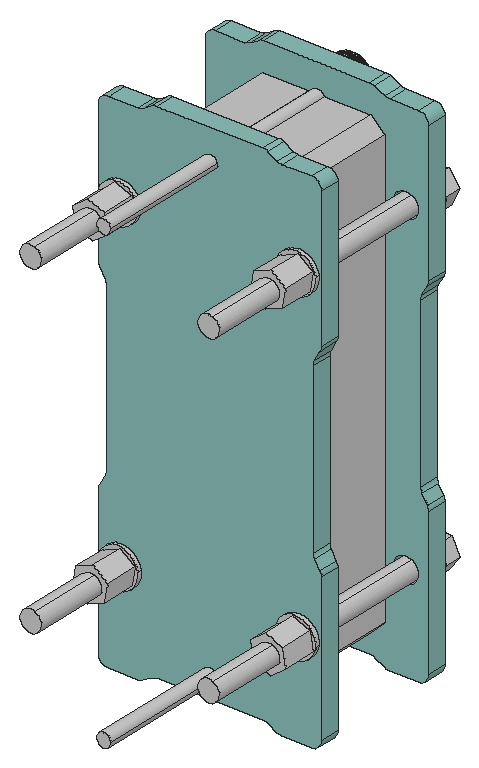
Revit family "Ekin_Endüstriyel - MIT503", category Specialty Equipment, Revit 2022
Family settings
  Round Connector Dimension = Use Diameter
  Part Type = Normal
  Work Plane-Based = No
  Always vertical = No
  Cut with Voids When Loaded = No
  Maintain Annotation Orientation = No
  Shared = No
  Room Calculation Point = No
Parameters (values of type "Threaded")
  URL = "https://en.ekinendustriyel.com/plate-heat-exchanger"
  Type Comments = ""
  Thickness_of_Plate = 0.50 mm  # constant formula
  Number_of_Plate [instance] = 30
  Model = if(Hygienic, if(Design Pressure < 11.0 bar, "H12340000DD25L", if(Design Pressure < 17.0 bar, " H12340000DD25M", " H12340000DD25H")), if(Design Pressure < 10.0 bar, "E12340000DD25L", if(Design Pressure < 17.0 bar, " E12340000DD25M", " E12340000DD25H")))  # "H12340000DD25L"
  Material = Galvanized Steel- S235JR
  Manufacturer = "Ekin Endüstriyel"
  Lk [instance] = (Number_of_Plate) * ((Thickness_of_Plate) + 2.35 mm)  # 85.50 mm
  Lh [instance] = 390.00 mm  # constant formula
  Lf [instance] = 390.00 mm  # constant formula
  Lc [instance] = if(Number_of_Plate < 26, 150.00 mm, if(Number_of_Plate < 41, 200.00 mm, 250.00 mm))  # 200.00 mm
  La [instance] = 167.50 mm  # constant formula
  Keynote = ""
  Industrial = not(Hygienic)  # no
  Hygienic = yes
  Head & Follower Plate [instance] = if(Design Pressure < 11.0 bar, 15.00 mm, 20.00 mm)  # 15.00 mm
  Follower Plate [instance] = -(Head & Follower Plate)  # -15.00 mm
  Design Pressure = 10.3421 bar
  Description = if(Design Pressure < 10.0663 bar, "MIT - Heat Exchanger - 10 bar", if(Design Pressure < 15.9958 bar, " MIT - Heat Exchanger - 16 bar", " MIT - Heat Exchanger - 25 bar"))  # " MIT - Heat Exchanger - 16 bar"
  Default Elevation = 0.00 mm
Reference planes
  plane 1 "Center (Front/Back)": y = 0
  plane 2: z = 0
  plane 3 "Center (Left/Right)": x = 0
  plane 4: x = 1160
  plane 5: x = -1000
  plane 6 "2": y = -100.5
  plane 7 "1": y = -15
  plane 8 "3": y = -215
  plane 9 "Bolt End": y = 18.7
  plane 10: y = -200
Forms (mm)
  Extrusion 1, solid, material "Galvanized Steel", detail levels fine
    sketch origin (4.063, 0, 0) x (1, 0, 0) y (0, 0, 1)
      loop
        arc (79.687, 376.5) -> (77.49, 381.803) -> (72.187, 384) r 7.5
        line (72.187, 384) -> (50.089, 384)
        arc (50.089, 384) -> (48.148, 384.256) -> (46.339, 385.005) r 7.5
        line (46.339, 385.005) -> (39.427, 388.995)
        arc (39.427, 388.995) -> (37.619, 389.744) -> (35.677, 390) r 7.5
        line (35.677, 390) -> (-43.803, 390)
        arc (-43.803, 390) -> (-45.745, 389.744) -> (-47.553, 388.995) r 7.5
        line (-47.553, 388.995) -> (-54.465, 385.005)
        arc (-54.465, 385.005) -> (-56.274, 384.256) -> (-58.215, 384) r 7.5
        line (-58.215, 384) -> (-80.313, 384)
        arc (-80.313, 384) -> (-85.616, 381.803) -> (-87.813, 376.5) r 7.5
        line (-87.813, 376.5) -> (-87.813, 271.902)
        arc (-87.813, 271.902) -> (-87.557, 269.961) -> (-86.808, 268.152) r 7.5
        line (-86.808, 268.152) -> (-82.818, 261.24)
        arc (-82.818, 261.24) -> (-82.069, 259.432) -> (-81.813, 257.49) r 7.5
        line (-81.813, 257.49) -> (-81.813, 131.51)
        arc (-81.813, 131.51) -> (-82.069, 129.568) -> (-82.818, 127.76) r 7.5
        line (-82.818, 127.76) -> (-86.808, 120.848)
        arc (-86.808, 120.848) -> (-87.557, 119.039) -> (-87.813, 117.098) r 7.5
        line (-87.813, 117.098) -> (-87.813, 7.5)
        arc (-87.813, 7.5) -> (-85.616, 2.197) -> (-80.313, 0) r 7.5
        line (-80.313, 0) -> (-58.215, 0)
        arc (-58.215, 0) -> (-56.274, 0.256) -> (-54.465, 1.005) r 7.5
        line (-54.465, 1.005) -> (-47.553, 4.995)
        arc (-47.553, 4.995) -> (-45.745, 5.744) -> (-43.803, 6) r 7.5
        line (-43.803, 6) -> (35.677, 6)
        arc (35.677, 6) -> (37.619, 5.744) -> (39.427, 4.995) r 7.5
        line (39.427, 4.995) -> (46.339, 1.005)
        arc (46.339, 1.005) -> (48.148, 0.256) -> (50.089, 0) r 7.5
        line (50.089, 0) -> (72.187, 0)
        arc (72.187, 0) -> (77.49, 2.197) -> (79.687, 7.5) r 7.5
        line (79.687, 7.5) -> (79.687, 117.098)
        arc (79.687, 117.098) -> (79.431, 119.039) -> (78.682, 120.848) r 7.5
        line (78.682, 120.848) -> (74.692, 127.76)
        arc (74.692, 127.76) -> (73.943, 129.568) -> (73.687, 131.51) r 7.5
        line (73.687, 131.51) -> (73.687, 257.49)
        arc (73.687, 257.49) -> (73.943, 259.432) -> (74.692, 261.24) r 7.5
        line (74.692, 261.24) -> (78.682, 268.152)
        arc (78.682, 268.152) -> (79.431, 269.961) -> (79.687, 271.902) r 7.5
        line (79.687, 271.902) -> (79.687, 376.5)
      loop
        circle (20.937, 45.5) r 16.85
      loop
        circle (20.937, 343.5) r 16.85
      loop
        circle (-4.063, 367) r 5.1
      loop
        circle (62.687, 72) r 9.5
      loop
        circle (62.687, 317) r 9.5
      loop
        circle (-4.063, 22) r 5.1
      loop
        circle (-29.063, 45.5) r 16.85
      loop
        circle (-29.063, 343.5) r 16.85
      loop
        circle (-70.813, 72) r 9.5
      loop
        circle (-70.813, 317) r 9.5
    from 0 to 15 <- "Head & Follower Plate"
  Extrusion 2, solid, material "Galvanized Steel", detail levels fine
    sketch origin (4.063, -100.5, 0) x (-1, 0, 0) y (0, 0, 1)
      loop
        line (-79.687, 376.5) -> (-79.687, 271.902)
        arc (-79.687, 271.902) -> (-79.431, 269.961) -> (-78.682, 268.152) r 7.5
        line (-78.682, 268.152) -> (-74.692, 261.24)
        arc (-74.692, 261.24) -> (-73.943, 259.432) -> (-73.687, 257.49) r 7.5
        line (-73.687, 257.49) -> (-73.687, 131.51)
        arc (-73.687, 131.51) -> (-73.943, 129.568) -> (-74.692, 127.76) r 7.5
        line (-74.692, 127.76) -> (-78.682, 120.848)
        arc (-78.682, 120.848) -> (-79.431, 119.039) -> (-79.687, 117.098) r 7.5
        line (-79.687, 117.098) -> (-79.687, 7.5)
        arc (-79.687, 7.5) -> (-77.49, 2.197) -> (-72.187, 0) r 7.5
        line (-72.187, 0) -> (-50.089, 0)
        arc (-50.089, 0) -> (-48.148, 0.256) -> (-46.339, 1.005) r 7.5
        line (-46.339, 1.005) -> (-39.427, 4.995)
        arc (-39.427, 4.995) -> (-37.619, 5.744) -> (-35.677, 6) r 7.5
        line (-35.677, 6) -> (43.803, 6)
        arc (43.803, 6) -> (45.745, 5.744) -> (47.553, 4.995) r 7.5
        line (47.553, 4.995) -> (54.465, 1.005)
        arc (54.465, 1.005) -> (56.274, 0.256) -> (58.215, 0) r 7.5
        line (58.215, 0) -> (80.313, 0)
        arc (80.313, 0) -> (85.616, 2.197) -> (87.813, 7.5) r 7.5
        line (87.813, 7.5) -> (87.813, 117.098)
        arc (87.813, 117.098) -> (87.557, 119.039) -> (86.808, 120.848) r 7.5
        line (86.808, 120.848) -> (82.818, 127.76)
        arc (82.818, 127.76) -> (82.069, 129.568) -> (81.813, 131.51) r 7.5
        line (81.813, 131.51) -> (81.813, 257.49)
        arc (81.813, 257.49) -> (82.069, 259.432) -> (82.818, 261.24) r 7.5
        line (82.818, 261.24) -> (86.808, 268.152)
        arc (86.808, 268.152) -> (87.557, 269.961) -> (87.813, 271.902) r 7.5
        line (87.813, 271.902) -> (87.813, 376.5)
        arc (87.813, 376.5) -> (85.616, 381.803) -> (80.313, 384) r 7.5
        line (80.313, 384) -> (58.215, 384)
        arc (58.215, 384) -> (56.274, 384.256) -> (54.465, 385.005) r 7.5
        line (54.465, 385.005) -> (47.553, 388.995)
        arc (47.553, 388.995) -> (45.745, 389.744) -> (43.803, 390) r 7.5
        line (43.803, 390) -> (-35.677, 390)
        arc (-35.677, 390) -> (-37.619, 389.744) -> (-39.427, 388.995) r 7.5
        line (-39.427, 388.995) -> (-46.339, 385.005)
        arc (-46.339, 385.005) -> (-48.148, 384.256) -> (-50.089, 384) r 7.5
        line (-50.089, 384) -> (-72.187, 384)
        arc (-72.187, 384) -> (-77.49, 381.803) -> (-79.687, 376.5) r 7.5
      loop
        circle (4.063, 367) r 5.1
      loop
        circle (-62.687, 72) r 9.5
      loop
        circle (-62.687, 317) r 9.5
      loop
        circle (4.063, 22) r 5.1
      loop
        circle (70.813, 72) r 9.5
      loop
        circle (70.813, 317) r 9.5
    from 0 to -15 <- "Follower Plate"
  Extrusion 3, solid, material "AISI 316L/Titanium/Hastelloy", detail levels fine
    sketch origin (0, -15, 0) x (-1, 0, 0) y (0, 0, 1)
      loop
        line (-40.5, 368.5) -> (-50.5, 358.5) -> (-50.5, 30.5) -> (-40.5, 20.5) -> (-6, 20.5) -> (-6, 22.5)
        arc (-6, 22.5) -> (0, 28.5) -> (6, 22.5) r 6
        line (6, 22.5) -> (6, 20.5) -> (40.5, 20.5) -> (50.5, 30.5) -> (50.5, 358.5) -> (40.5, 368.5) -> (6, 368.5) -> (6, 366.5)
        arc (6, 366.5) -> (0, 360.5) -> (-6, 366.5) r 6
        line (-6, 366.5) -> (-6, 368.5) -> (-40.5, 368.5)
      loop
        circle (25, 343.5) r 16.85
      loop
        circle (-25, 343.5) r 16.85
      loop
        circle (-25, 45.5) r 16.85
      loop
        circle (25, 45.5) r 16.85
    from 0 to -85.5
  Extrusion 4, solid, material "Galvanized Steel- S235JR", detail levels fine
    sketch origin (0, 0, 0) x (1, 0, 0) y (0, 0, 1)
      loop
        circle (0, 367) r 5.1
      loop
        circle (0, 22) r 5.1
    from 0 to 215
  Extrusion 5, solid, material "Galvanized Steel- S235JR", detail levels fine
    sketch origin (0, 0, 0) x (1, 0, 0) y (0, 0, 1)
      loop
        circle (66.75, 72) r 8
      loop
        circle (-66.75, 72) r 8
      loop
        circle (66.75, 317) r 8
      loop
        circle (-66.75, 317) r 8
    from 0 to 200
  Extrusion 6, solid, material "Galvanized Steel- S235JR", detail levels fine
    sketch origin (0, 0, 0) x (1, 0, 0) y (0, 0, 1)
      loop
        circle (66.75, 317) r 15
      loop
        circle (66.75, 72) r 15
      loop
        circle (-66.75, 72) r 15
      loop
        circle (-66.75, 317) r 15
    from 0 to -3.2
  Extrusion 7, solid, material "Galvanized Steel- S235JR", detail levels fine
    sketch origin (0, 0, 0) x (1, 0, 0) y (0, 0, 1)
      loop
        line (58.593, 328.201) -> (52.971, 315.537) -> (61.128, 304.335) -> (74.907, 305.799) -> (80.529, 318.463) -> (72.372, 329.665) -> (58.593, 328.201)
      loop
        line (-58.593, 328.201) -> (-72.372, 329.665) -> (-80.529, 318.463) -> (-74.907, 305.799) -> (-61.128, 304.335) -> (-52.971, 315.537) -> (-58.593, 328.201)
      loop
        line (58.593, 60.799) -> (72.372, 59.335) -> (80.529, 70.537) -> (74.907, 83.201) -> (61.128, 84.665) -> (52.971, 73.463) -> (58.593, 60.799)
      loop
        line (-58.593, 60.799) -> (-52.971, 73.463) -> (-61.128, 84.665) -> (-74.907, 83.201) -> (-80.529, 70.537) -> (-72.372, 59.335) -> (-58.593, 60.799)
    from -17.7 to -3.2
  Extrusion 8, solid, material "Galvanized Steel- S235JR", detail levels fine
    sketch origin (4.063, -115.5, 0) x (1, 0, 0) y (0, 0, 1)
      loop
        line (64.607, 330.723) -> (51.763, 325.524) -> (49.843, 311.801) -> (60.767, 303.277) -> (73.611, 308.476) -> (75.531, 322.199) -> (64.607, 330.723)
      loop
        line (-72.733, 330.723) -> (-83.657, 322.199) -> (-81.737, 308.476) -> (-68.893, 303.277) -> (-57.969, 311.801) -> (-59.889, 325.524) -> (-72.733, 330.723)
      loop
        line (64.607, 58.277) -> (75.531, 66.801) -> (73.611, 80.524) -> (60.767, 85.723) -> (49.843, 77.199) -> (51.763, 63.476) -> (64.607, 58.277)
      loop
        line (-72.733, 58.277) -> (-59.889, 63.476) -> (-57.969, 77.199) -> (-68.893, 85.723) -> (-81.737, 80.524) -> (-83.657, 66.801) -> (-72.733, 58.277)
    from 3.2 to 28.7
  Extrusion 9, solid, material "Galvanized Steel- S235JR", detail levels fine
    sketch origin (4.063, -115.5, 0) x (1, 0, 0) y (0, 0, 1)
      loop
        circle (-70.813, 317) r 15
      loop
        circle (62.687, 317) r 15
      loop
        circle (-70.813, 72) r 15
      loop
        circle (62.687, 72) r 15
    from 3.2 to 0
  Revolve 10, solid, material "Painted Stell", detail levels fine
    sketch origin (0, -12.95, 45.5) x (0, -1, 0) y (1, 0, 0)
      loop
        line (-47.116, 41.461) -> (-47.116, 38.504) -> (-45.07, 37.636) -> (-2.95, 37.636) -> (-2.95, 36) -> (87.55, 36) -> (87.55, 41.461) -> (-28.39, 41.461) -> (-28.903, 40.871) -> (-29.416, 41.461) -> (-29.929, 40.871) -> (-30.442, 41.461) -> (-30.955, 40.871) -> (-31.468, 41.461) -> (-31.98, 40.871) -> (-32.493, 41.461) -> (-33.006, 40.871) -> (-33.519, 41.461) -> (-34.032, 40.871) -> (-34.545, 41.461) -> (-35.178, 40.871) -> (-35.691, 41.461) -> (-36.204, 40.871) -> (-36.716, 41.461) -> (-37.229, 40.871) -> (-37.742, 41.461) -> (-38.255, 40.871) -> (-38.768, 41.461) -> (-39.281, 40.871) -> (-39.794, 41.461) -> (-40.307, 40.871) -> (-40.82, 41.461) -> (-41.333, 40.871) -> (-41.845, 41.461) -> (-42.358, 40.871) -> (-42.871, 41.461) -> (-43.384, 40.871) -> (-43.897, 41.461) -> (-44.41, 40.871) -> (-44.923, 41.461) -> (-45.436, 40.871) -> (-45.949, 41.461) -> (-46.462, 40.871) -> (-47.116, 41.461)
      axis (87.55, 25) -> (-47.116, 25)
    angle from 0 to 360
  Revolve 11, solid, material "Painted Stell", detail levels fine
    sketch origin (0, -12.95, 45.5) x (0, 1, 0) y (-1, 0, 0)
      loop
        line (-87.55, 36) -> (-2.05, 36) -> (-2.05, 37.636) -> (60.054, 37.636) -> (62.1, 38.504) -> (62.1, 41.461) -> (61.446, 40.871) -> (60.933, 41.461) -> (60.42, 40.871) -> (59.907, 41.461) -> (59.394, 40.871) -> (58.881, 41.461) -> (58.369, 40.871) -> (57.856, 41.461) -> (57.343, 40.871) -> (56.83, 41.461) -> (56.317, 40.871) -> (55.804, 41.461) -> (55.291, 40.871) -> (54.778, 41.461) -> (54.265, 40.871) -> (53.752, 41.461) -> (53.24, 40.871) -> (52.727, 41.461) -> (52.214, 40.871) -> (51.701, 41.461) -> (51.188, 40.871) -> (50.675, 41.461) -> (50.162, 40.871) -> (49.649, 41.461) -> (49.136, 40.871) -> (48.623, 41.461) -> (48.111, 40.871) -> (47.598, 41.461) -> (47.085, 40.871) -> (46.572, 41.461) -> (46.059, 40.871) -> (45.546, 41.461) -> (45.033, 40.871) -> (44.52, 41.461) -> (44.007, 40.871) -> (43.494, 41.461) -> (-87.55, 41.461) -> (-87.55, 36)
      axis (-87.55, 25) -> (62.1, 25)
    angle from 0 to 360
  Revolve 12, solid, material "Painted Stell", detail levels fine
    sketch origin (0, -12.95, 343.5) x (1, 0, 0) y (0, 1, 0)
      loop
        line (41.461, 47.116) -> (38.504, 47.116) -> (37.636, 45.07) -> (37.636, -2.05) -> (36, -2.05) -> (36, -87.55) -> (41.461, -87.55) -> (41.461, 28.39) -> (40.871, 28.903) -> (41.461, 29.416) -> (40.871, 29.929) -> (41.461, 30.442) -> (40.871, 30.955) -> (41.461, 31.468) -> (40.871, 31.98) -> (41.461, 32.493) -> (40.871, 33.006) -> (41.461, 33.519) -> (40.871, 34.032) -> (41.461, 34.545) -> (40.871, 35.178) -> (41.461, 35.691) -> (40.871, 36.204) -> (41.461, 36.716) -> (40.871, 37.229) -> (41.461, 37.742) -> (40.871, 38.255) -> (41.461, 38.768) -> (40.871, 39.281) -> (41.461, 39.794) -> (40.871, 40.307) -> (41.461, 40.82) -> (40.871, 41.333) -> (41.461, 41.845) -> (40.871, 42.358) -> (41.461, 42.871) -> (40.871, 43.384) -> (41.461, 43.897) -> (40.871, 44.41) -> (41.461, 44.923) -> (40.871, 45.436) -> (41.461, 45.949) -> (40.871, 46.462) -> (41.461, 47.116)
      axis (25, -87.55) -> (25, 47.116)
    angle from 0 to 360
  Revolve 13, solid, material "Painted Stell", detail levels fine
    sketch origin (0, -12.95, 343.5) x (-1, 0, 0) y (0, -1, 0)
      loop
        line (36, 87.55) -> (36, 2.05) -> (37.636, 2.05) -> (37.636, -60.054) -> (38.504, -62.1) -> (41.461, -62.1) -> (40.871, -61.446) -> (41.461, -60.933) -> (40.871, -60.42) -> (41.461, -59.907) -> (40.871, -59.394) -> (41.461, -58.881) -> (40.871, -58.369) -> (41.461, -57.856) -> (40.871, -57.343) -> (41.461, -56.83) -> (40.871, -56.317) -> (41.461, -55.804) -> (40.871, -55.291) -> (41.461, -54.778) -> (40.871, -54.265) -> (41.461, -53.752) -> (40.871, -53.24) -> (41.461, -52.727) -> (40.871, -52.214) -> (41.461, -51.701) -> (40.871, -51.188) -> (41.461, -50.675) -> (40.871, -50.162) -> (41.461, -49.649) -> (40.871, -49.136) -> (41.461, -48.623) -> (40.871, -48.111) -> (41.461, -47.598) -> (40.871, -47.085) -> (41.461, -46.572) -> (40.871, -46.059) -> (41.461, -45.546) -> (40.871, -45.033) -> (41.461, -44.52) -> (40.871, -44.007) -> (41.461, -43.494) -> (41.461, 87.55) -> (36, 87.55)
      axis (25, 87.55) -> (25, -62.1)
    angle from 0 to 360
  Extrusion 14, solid, material "Galvanized Steel", detail levels medium
    sketch origin (4.063, 0, 0) x (1, 0, 0) y (0, 0, 1)
      loop
        arc (79.687, 376.5) -> (77.49, 381.803) -> (72.187, 384) r 7.5
        line (72.187, 384) -> (50.089, 384)
        arc (50.089, 384) -> (48.148, 384.256) -> (46.339, 385.005) r 7.5
        line (46.339, 385.005) -> (39.427, 388.995)
        arc (39.427, 388.995) -> (37.619, 389.744) -> (35.677, 390) r 7.5
        line (35.677, 390) -> (-43.803, 390)
        arc (-43.803, 390) -> (-45.745, 389.744) -> (-47.553, 388.995) r 7.5
        line (-47.553, 388.995) -> (-54.465, 385.005)
        arc (-54.465, 385.005) -> (-56.274, 384.256) -> (-58.215, 384) r 7.5
        line (-58.215, 384) -> (-80.313, 384)
        arc (-80.313, 384) -> (-85.616, 381.803) -> (-87.813, 376.5) r 7.5
        line (-87.813, 376.5) -> (-87.813, 7.5)
        arc (-87.813, 7.5) -> (-85.616, 2.197) -> (-80.313, 0) r 7.5
        line (-80.313, 0) -> (-58.215, 0)
        arc (-58.215, 0) -> (-56.274, 0.256) -> (-54.465, 1.005) r 7.5
        line (-54.465, 1.005) -> (-47.553, 4.995)
        arc (-47.553, 4.995) -> (-45.745, 5.744) -> (-43.803, 6) r 7.5
        line (-43.803, 6) -> (35.677, 6)
        arc (35.677, 6) -> (37.619, 5.744) -> (39.427, 4.995) r 7.5
        line (39.427, 4.995) -> (46.339, 1.005)
        arc (46.339, 1.005) -> (48.148, 0.256) -> (50.089, 0) r 7.5
        line (50.089, 0) -> (72.187, 0)
        arc (72.187, 0) -> (77.49, 2.197) -> (79.687, 7.5) r 7.5
        line (79.687, 7.5) -> (79.687, 376.5)
      loop
        circle (20.937, 45.5) r 16.85
      loop
        circle (20.937, 343.5) r 16.85
      loop
        circle (-4.063, 367) r 5.1
      loop
        circle (62.687, 72) r 9.5
      loop
        circle (62.687, 317) r 9.5
      loop
        circle (-4.063, 22) r 5.1
      loop
        circle (-29.063, 45.5) r 16.85
      loop
        circle (-29.063, 343.5) r 16.85
      loop
        circle (-70.813, 72) r 9.5
      loop
        circle (-70.813, 317) r 9.5
    from 0 to 15 <- "Head & Follower Plate"
  Extrusion 15, solid, material "Galvanized Steel", detail levels medium
    sketch origin (4.063, -100.5, 0) x (-1, 0, 0) y (0, 0, 1)
      loop
        line (-79.687, 376.5) -> (-79.687, 7.5)
        arc (-79.687, 7.5) -> (-77.49, 2.197) -> (-72.187, 0) r 7.5
        line (-72.187, 0) -> (-50.089, 0)
        arc (-50.089, 0) -> (-48.148, 0.256) -> (-46.339, 1.005) r 7.5
        line (-46.339, 1.005) -> (-39.427, 4.995)
        arc (-39.427, 4.995) -> (-37.619, 5.744) -> (-35.677, 6) r 7.5
        line (-35.677, 6) -> (43.803, 6)
        arc (43.803, 6) -> (45.745, 5.744) -> (47.553, 4.995) r 7.5
        line (47.553, 4.995) -> (54.465, 1.005)
        arc (54.465, 1.005) -> (56.274, 0.256) -> (58.215, 0) r 7.5
        line (58.215, 0) -> (80.313, 0)
        arc (80.313, 0) -> (85.616, 2.197) -> (87.813, 7.5) r 7.5
        line (87.813, 7.5) -> (87.813, 376.5)
        arc (87.813, 376.5) -> (85.616, 381.803) -> (80.313, 384) r 7.5
        line (80.313, 384) -> (58.215, 384)
        arc (58.215, 384) -> (56.274, 384.256) -> (54.465, 385.005) r 7.5
        line (54.465, 385.005) -> (47.553, 388.995)
        arc (47.553, 388.995) -> (45.745, 389.744) -> (43.803, 390) r 7.5
        line (43.803, 390) -> (-35.677, 390)
        arc (-35.677, 390) -> (-37.619, 389.744) -> (-39.427, 388.995) r 7.5
        line (-39.427, 388.995) -> (-46.339, 385.005)
        arc (-46.339, 385.005) -> (-48.148, 384.256) -> (-50.089, 384) r 7.5
        line (-50.089, 384) -> (-72.187, 384)
        arc (-72.187, 384) -> (-77.49, 381.803) -> (-79.687, 376.5) r 7.5
      loop
        circle (4.063, 367) r 5.1
      loop
        circle (-62.687, 72) r 9.5
      loop
        circle (-62.687, 317) r 9.5
      loop
        circle (4.063, 22) r 5.1
      loop
        circle (70.813, 72) r 9.5
      loop
        circle (70.813, 317) r 9.5
    from 0 to -15 <- "Follower Plate"
  Extrusion 16, solid, material "AISI 316L/Titanium/Hastelloy", detail levels medium
    sketch origin (0, -15, 0) x (-1, 0, 0) y (0, 0, 1)
      loop
        line (-40.5, 368.5) -> (-50.5, 358.5) -> (-50.5, 30.5) -> (-40.5, 20.5) -> (-6, 20.5) -> (-6, 22.5)
        arc (-6, 22.5) -> (0, 28.5) -> (6, 22.5) r 6
        line (6, 22.5) -> (6, 20.5) -> (40.5, 20.5) -> (50.5, 30.5) -> (50.5, 358.5) -> (40.5, 368.5) -> (6, 368.5) -> (6, 366.5)
        arc (6, 366.5) -> (0, 360.5) -> (-6, 366.5) r 6
        line (-6, 366.5) -> (-6, 368.5) -> (-40.5, 368.5)
    from 0 to -85.5
  Extrusion 17, solid, material "Galvanized Steel- S235JR", detail levels medium
    sketch origin (0, 0, 0) x (1, 0, 0) y (0, 0, 1)
      loop
        circle (0, 367) r 5.1
      loop
        circle (0, 22) r 5.1
    from 0 to 215
  Extrusion 18, solid, material "Galvanized Steel- S235JR", detail levels medium
    sketch origin (0, 0, 0) x (1, 0, 0) y (0, 0, 1)
      loop
        circle (66.75, 72) r 8
      loop
        circle (-66.75, 72) r 8
      loop
        circle (66.75, 317) r 8
      loop
        circle (-66.75, 317) r 8
    from 0 to 200
  Extrusion 19, solid, material "Galvanized Steel- S235JR", detail levels medium
    sketch origin (0, 0, 0) x (1, 0, 0) y (0, 0, 1)
      loop
        circle (66.75, 317) r 15
      loop
        circle (66.75, 72) r 15
      loop
        circle (-66.75, 72) r 15
      loop
        circle (-66.75, 317) r 15
    from 0 to -3.2
  Extrusion 20, solid, material "Galvanized Steel- S235JR", detail levels medium
    sketch origin (0, 0, 0) x (1, 0, 0) y (0, 0, 1)
      loop
        line (58.593, 328.201) -> (52.971, 315.537) -> (61.128, 304.335) -> (74.907, 305.799) -> (80.529, 318.463) -> (72.372, 329.665) -> (58.593, 328.201)
      loop
        line (-58.593, 328.201) -> (-72.372, 329.665) -> (-80.529, 318.463) -> (-74.907, 305.799) -> (-61.128, 304.335) -> (-52.971, 315.537) -> (-58.593, 328.201)
      loop
        line (58.593, 60.799) -> (72.372, 59.335) -> (80.529, 70.537) -> (74.907, 83.201) -> (61.128, 84.665) -> (52.971, 73.463) -> (58.593, 60.799)
      loop
        line (-58.593, 60.799) -> (-52.971, 73.463) -> (-61.128, 84.665) -> (-74.907, 83.201) -> (-80.529, 70.537) -> (-72.372, 59.335) -> (-58.593, 60.799)
    from -17.7 to -3.2
  Revolve 21, solid, material "Painted Stell", detail levels medium
    sketch origin (0, -12.95, 45.5) x (0, -1, 0) y (1, 0, 0)
      loop
        line (-47.116, 41.461) -> (-47.116, 37.636) -> (2.05, 37.636) -> (2.05, 36) -> (87.55, 36) -> (87.55, 41.461) -> (-47.116, 41.461)
      axis (87.55, 25) -> (-47.116, 25)
    angle from 0 to 360
  Revolve 22, solid, material "Painted Stell", detail levels medium
    sketch origin (0, -12.95, 45.5) x (0, 1, 0) y (-1, 0, 0)
      loop
        line (-87.55, 36) -> (-2.05, 36) -> (-2.05, 37.636) -> (62.1, 37.636) -> (62.1, 41.461) -> (-87.55, 41.461) -> (-87.55, 36)
      axis (-87.55, 25) -> (62.1, 25)
    angle from 0 to 360
  Revolve 23, solid, material "Painted Stell", detail levels medium
    sketch origin (0, -12.95, 343.5) x (1, 0, 0) y (0, 1, 0)
      loop
        line (41.461, 47.116) -> (37.636, 47.116) -> (37.636, -2.05) -> (36, -2.05) -> (36, -87.55) -> (41.461, -87.55) -> (41.461, 47.116)
      axis (25, -87.55) -> (25, 47.116)
    angle from 0 to 360
  Revolve 24, solid, material "Painted Stell", detail levels medium
    sketch origin (0, -12.95, 343.5) x (-1, 0, 0) y (0, -1, 0)
      loop
        line (36, 87.55) -> (36, 2.05) -> (37.636, 2.05) -> (37.636, -62.1) -> (41.461, -62.1) -> (41.461, 87.55) -> (36, 87.55)
      axis (25, 87.55) -> (25, -62.1)
    angle from 0 to 360
  Extrusion 25, solid, material "Galvanized Steel", detail levels coarse
    sketch origin (4.063, 0, 0) x (1, 0, 0) y (0, 0, 1)
      loop
        line (79.687, 390) -> (-87.813, 390) -> (-87.813, 0) -> (79.687, 0) -> (79.687, 390)
      loop
        circle (20.937, 45.5) r 16.85
      loop
        circle (20.937, 343.5) r 16.85
      loop
        circle (-4.063, 367) r 5.1
      loop
        circle (-4.063, 22) r 5.1
      loop
        circle (-29.063, 45.5) r 16.85
      loop
        circle (-29.063, 343.5) r 16.85
      loop
        circle (-70.813, 317) r 8
      loop
        circle (62.687, 317) r 8
      loop
        circle (62.687, 72) r 8
      loop
        circle (-70.813, 72) r 8
    from 0 to 15 <- "Head & Follower Plate"
  Extrusion 26, solid, material "Galvanized Steel", detail levels coarse
    sketch origin (4.063, -100.5, 0) x (-1, 0, 0) y (0, 0, 1)
      loop
        line (-79.687, 390) -> (-79.687, 0) -> (87.813, 0) -> (87.813, 390) -> (-79.687, 390)
      loop
        circle (4.063, 367) r 5.1
      loop
        circle (-62.687, 72) r 9.5
      loop
        circle (-62.687, 317) r 9.5
      loop
        circle (4.063, 22) r 5.1
      loop
        circle (70.813, 72) r 9.5
      loop
        circle (70.813, 317) r 9.5
    from 0 to -15 <- "Follower Plate"
  Extrusion 27, solid, material "AISI 316L/Titanium/Hastelloy", detail levels coarse
    sketch origin (0, -15, 0) x (-1, 0, 0) y (0, 0, 1)
      loop
        line (-50.5, 368.5) -> (-50.5, 20.5) -> (-6, 20.5) -> (-6, 22.5)
        arc (-6, 22.5) -> (0, 28.5) -> (6, 22.5) r 6
        line (6, 22.5) -> (6, 20.5) -> (50.5, 20.5) -> (50.5, 368.5) -> (6, 368.5) -> (6, 366.5)
        arc (6, 366.5) -> (0, 360.5) -> (-6, 366.5) r 6
        line (-6, 366.5) -> (-6, 368.5) -> (-50.5, 368.5)
    from 0 to -85.5
  Extrusion 28, solid, material "Galvanized Steel- S235JR", detail levels coarse
    sketch origin (0, 0, 0) x (1, 0, 0) y (0, 0, 1)
      loop
        circle (0, 367) r 5.1
      loop
        circle (0, 22) r 5.1
    from 0 to 215
  Extrusion 29, solid, material "Galvanized Steel- S235JR", detail levels coarse
    sketch origin (0, 0, 0) x (1, 0, 0) y (0, 0, 1)
      loop
        circle (66.75, 72) r 8
      loop
        circle (-66.75, 72) r 8
      loop
        circle (66.75, 317) r 8
      loop
        circle (-66.75, 317) r 8
    from 0 to 200
  Extrusion 30, solid, material "Painted Stell", detail levels coarse
    sketch origin (4.063, 0, 0) x (-1, 0, 0) y (0, 0, 1)
      loop
        circle (-20.937, 343.5) r 16.85
      loop
        circle (-20.937, 45.5) r 16.85
    from 0 to 34.166
  Extrusion 31, solid, material "Painted Stell", detail levels coarse
    sketch origin (4.063, 0, 0) x (-1, 0, 0) y (0, 0, 1)
      loop
        circle (29.063, 343.5) r 16.85
      loop
        circle (29.063, 45.5) r 16.85
    from 0 to 49.15
Dimensions and locks
  "Lk": plane 7 "1" to plane 6 "2"
  "Head & Follower Plate": plane 1 "Center (Front/Back)" to plane 7 "1"
  "Lc": plane 7 "1" to plane 8 "3"
  "Lc": plane 10 to plane 1 "Center (Front/Back)"
  Extrusion 25 to Extrusion 26 = 85.50 mm
  aligned and locked: level to plane 2
  aligned and locked: Extrusion 1 to plane 1 "Center (Front/Back)"
  aligned and locked: Extrusion 3 to plane 6 "2"
  aligned and locked: Extrusion 4 to plane 1 "Center (Front/Back)"
  aligned and locked: plane 10 to Extrusion 5
  aligned and locked: Extrusion 5 to plane 1 "Center (Front/Back)"
  aligned and locked: Revolve 10 sketch curve to Extrusion 2
  aligned and locked: Revolve 11 sketch curve to plane 6 "2"
  aligned and locked: Revolve 21 sketch curve to Extrusion 15
  aligned and locked: Extrusion 27 to plane 6 "2"
  aligned and locked: Extrusion 16 to plane 6 "2"
  aligned and locked: Extrusion 29 to Extrusion 5
  aligned and locked: Extrusion 18 to Extrusion 29
  aligned and locked: Extrusion 25 to Extrusion 1
  aligned and locked: Extrusion 25 to Extrusion 14
  aligned and locked: Extrusion 27 to Extrusion 25
  aligned and locked: Extrusion 16 to Extrusion 25
  aligned and locked: Extrusion 3 to Extrusion 25
  aligned and locked: Revolve 23 sketch curve to Extrusion 25
  aligned and locked: Revolve 12 sketch curve to Extrusion 25
  aligned and locked: Revolve 21 sketch curve to Extrusion 25
  aligned and locked: Extrusion 25 to Revolve 24 sketch curve
  aligned and locked: Extrusion 25 to Revolve 13 sketch curve
  aligned and locked: Extrusion 25 to Revolve 22 sketch curve
  aligned and locked: Extrusion 25 to Revolve 11 sketch curve
  aligned and locked: Extrusion 28 to plane 8 "3"
  aligned and locked: Extrusion 17 to plane 8 "3"
  aligned and locked: Extrusion 4 to plane 8 "3"
Automatic sketch dimensions
  Extrusion 1 sketch curve to Extrusion 1 sketch curve = 0.00 mm  (x21)
  Extrusion 1 sketch curve to level = 0.00 mm  (x2)
  Extrusion 1 sketch curve to plane 3 "Center (Left/Right)" = 0.00 mm  (x2)
  Extrusion 1 sketch curve to plane 3 "Center (Left/Right)" = 25.00 mm  (x2)
  Extrusion 1 sketch curve to level = 1.50 mm
  Extrusion 1 sketch curve to plane 3 "Center (Left/Right)" = 39.74 mm  (x2)
  Extrusion 1 sketch curve to Extrusion 1 sketch curve = 3.75 mm  (x6)
  level to Extrusion 1 sketch curve = 4.995 mm  (x2)
  level to Extrusion 1 sketch curve = 1.005 mm  (x2)
  Extrusion 1 sketch curve to Extrusion 1 sketch curve = 6.912 mm  (x8)
  level to Extrusion 1 sketch curve = 7.50 mm  (x3)
  Extrusion 1 sketch curve to Extrusion 1 sketch curve = 41.75 mm  (x4)
  Extrusion 1 sketch curve to Extrusion 1 sketch curve = 22.098 mm  (x4)
  Extrusion 1 sketch curve to Extrusion 1 sketch curve = 9.50 mm  (x7)
  Extrusion 1 sketch curve to Extrusion 1 sketch curve = 1.50 mm  (x4)
  Extrusion 1 sketch curve to Extrusion 1 sketch curve = 1.005 mm  (x10)
  Extrusion 1 sketch curve to Extrusion 1 sketch curve = 6.495 mm  (x7)
  Extrusion 1 sketch curve to Extrusion 1 sketch curve = 7.50 mm  (x2)
  plane 3 "Center (Left/Right)" to Extrusion 1 sketch curve = 25.00 mm  (x2)
  plane 3 "Center (Left/Right)" to Extrusion 1 sketch curve = 39.74 mm  (x2)
  level to Extrusion 1 sketch curve = 22.00 mm
  Extrusion 1 sketch curve to Extrusion 1 sketch curve = 23.50 mm  (x3)
  Extrusion 1 sketch curve to Extrusion 1 sketch curve = 26.50 mm  (x3)
  Extrusion 1 sketch curve to Extrusion 1 sketch curve = 45.098 mm  (x4)
  Extrusion 1 sketch curve to Extrusion 1 sketch curve = 125.981 mm  (x2)
  Extrusion 1 sketch curve to Extrusion 1 sketch curve = 33.00 mm  (x2)
  Extrusion 1 sketch curve to Extrusion 1 sketch curve = 5.10 mm  (x2)
  Extrusion 1 sketch curve to plane 3 "Center (Left/Right)" = 8.15 mm  (x2)
  plane 3 "Center (Left/Right)" to Extrusion 1 sketch curve = 8.15 mm  (x2)
  Extrusion 2 sketch curve to Extrusion 2 sketch curve = 0.00 mm  (x12)
  Extrusion 2 sketch curve to level = 0.00 mm  (x2)
  Extrusion 2 sketch curve to plane 3 "Center (Left/Right)" = 0.00 mm  (x2)
  plane 3 "Center (Left/Right)" to Extrusion 2 sketch curve = 39.74 mm  (x2)
  level to Extrusion 2 sketch curve = 6.00 mm
  Extrusion 2 sketch curve to Extrusion 2 sketch curve = 3.75 mm  (x8)
  level to Extrusion 2 sketch curve = 4.995 mm  (x2)
  level to Extrusion 2 sketch curve = 1.005 mm  (x2)
  Extrusion 2 sketch curve to Extrusion 2 sketch curve = 6.912 mm  (x8)
  plane 3 "Center (Left/Right)" to Extrusion 2 sketch curve = 66.75 mm
  Extrusion 2 sketch curve to Extrusion 2 sketch curve = 12.598 mm  (x2)
  Extrusion 2 sketch curve to Extrusion 2 sketch curve = 22.098 mm  (x4)
  Extrusion 2 sketch curve to Extrusion 2 sketch curve = 9.50 mm  (x8)
  Extrusion 2 sketch curve to Extrusion 2 sketch curve = 1.50 mm  (x4)
  Extrusion 2 sketch curve to Extrusion 2 sketch curve = 1.005 mm  (x8)
  Extrusion 2 sketch curve to Extrusion 2 sketch curve = 6.495 mm  (x7)
  Extrusion 2 sketch curve to Extrusion 2 sketch curve = 7.50 mm  (x3)
  Extrusion 2 sketch curve to plane 3 "Center (Left/Right)" = 39.74 mm  (x2)
  Extrusion 2 sketch curve to plane 3 "Center (Left/Right)" = 66.75 mm
  level to Extrusion 2 sketch curve = 7.50 mm
  level to Extrusion 2 sketch curve = 22.00 mm
  Extrusion 2 sketch curve to Extrusion 2 sketch curve = 64.50 mm  (x2)
  Extrusion 2 sketch curve to Extrusion 2 sketch curve = 45.098 mm  (x4)
  Extrusion 2 sketch curve to Extrusion 2 sketch curve = 125.981 mm  (x2)
  Extrusion 2 sketch curve to Extrusion 2 sketch curve = 50.00 mm
  Extrusion 2 sketch curve to Extrusion 2 sketch curve = 59.50 mm  (x2)
  plane 3 "Center (Left/Right)" to Extrusion 2 sketch curve = 5.10 mm  (x2)
  Extrusion 3 sketch curve to Extrusion 3 sketch curve = 0.00 mm  (x10)
  Extrusion 3 sketch curve to plane 3 "Center (Left/Right)" = 0.00 mm  (x2)
  plane 3 "Center (Left/Right)" to Extrusion 3 sketch curve = 6.00 mm  (x2)
  plane 3 "Center (Left/Right)" to Extrusion 3 sketch curve = 25.00 mm  (x2)
  Extrusion 3 sketch curve to Extrusion 3 sketch curve = 15.50 mm  (x4)
  Extrusion 3 sketch curve to Extrusion 3 sketch curve = 10.00 mm  (x6)
  Extrusion 3 sketch curve to plane 3 "Center (Left/Right)" = 25.00 mm  (x2)
  level to Extrusion 3 sketch curve = 20.50 mm
  Extrusion 3 sketch curve to Extrusion 3 sketch curve = 2.00 mm
  Extrusion 3 sketch curve to Extrusion 3 sketch curve = 25.00 mm  (x2)
  Extrusion 3 sketch curve to Extrusion 3 sketch curve = 298.00 mm
  Extrusion 3 sketch curve to Extrusion 3 sketch curve = 15.00 mm  (x2)
  Extrusion 3 sketch curve to Extrusion 3 sketch curve = 23.00 mm
  plane 3 "Center (Left/Right)" to Extrusion 3 sketch curve = 8.15 mm  (x2)
  Extrusion 3 sketch curve to plane 3 "Center (Left/Right)" = 8.15 mm  (x2)
  Extrusion 4 sketch curve to Extrusion 4 sketch curve = 0.00 mm  (x4)
  Extrusion 4 sketch curve to plane 3 "Center (Left/Right)" = 0.00 mm  (x2)
  level to Extrusion 4 sketch curve = 22.00 mm
  Extrusion 4 sketch curve to Extrusion 4 sketch curve = 345.00 mm
  Extrusion 4 sketch curve to plane 3 "Center (Left/Right)" = 5.10 mm  (x2)
  Extrusion 5 sketch curve to Extrusion 5 sketch curve = 0.00 mm  (x9)
  Extrusion 5 sketch curve to plane 3 "Center (Left/Right)" = 66.75 mm  (x2)
  plane 3 "Center (Left/Right)" to Extrusion 5 sketch curve = 66.75 mm  (x2)
  level to Extrusion 5 sketch curve = 72.00 mm  (x2)
  Extrusion 5 sketch curve to Extrusion 5 sketch curve = 245.00 mm
  Extrusion 5 sketch curve to Extrusion 5 sketch curve = 3.246 mm  (x8)
  Extrusion 5 sketch curve to Extrusion 5 sketch curve = 7.312 mm  (x4)
  Extrusion 6 sketch curve to Extrusion 6 sketch curve = 0.00 mm  (x9)
  Extrusion 6 sketch curve to plane 3 "Center (Left/Right)" = 66.75 mm  (x2)
  plane 3 "Center (Left/Right)" to Extrusion 6 sketch curve = 66.75 mm  (x2)
  level to Extrusion 6 sketch curve = 72.00 mm  (x2)
  Extrusion 6 sketch curve to Extrusion 6 sketch curve = 245.00 mm
  Extrusion 6 sketch curve to Extrusion 6 sketch curve = 14.766 mm  (x8)
  Extrusion 6 sketch curve to Extrusion 6 sketch curve = 2.642 mm  (x4)
  Extrusion 7 sketch curve to plane 3 "Center (Left/Right)" = 80.529 mm  (x2)
  Extrusion 7 sketch curve to Extrusion 7 sketch curve = 5.622 mm  (x6)
  Extrusion 7 sketch curve to Extrusion 7 sketch curve = 8.157 mm  (x6)
  Extrusion 7 sketch curve to Extrusion 7 sketch curve = 13.779 mm  (x8)
  plane 3 "Center (Left/Right)" to Extrusion 7 sketch curve = 52.971 mm  (x2)
  level to Extrusion 7 sketch curve = 59.335 mm  (x2)
  Extrusion 7 sketch curve to Extrusion 7 sketch curve = 1.463 mm  (x6)
  Extrusion 7 sketch curve to Extrusion 7 sketch curve = 11.201 mm  (x6)
  Extrusion 7 sketch curve to Extrusion 7 sketch curve = 12.665 mm  (x8)
  Extrusion 7 sketch curve to Extrusion 7 sketch curve = 219.671 mm
  Extrusion 7 sketch curve to Extrusion 7 sketch curve = 0.00 mm
  Extrusion 2 to Extrusion 8 sketch curve = 1.844 mm  (x4)
  Extrusion 8 sketch curve to Extrusion 2 = 0.076 mm  (x4)
  Extrusion 8 sketch curve to Extrusion 2 = 9.08 mm  (x4)
  Extrusion 8 sketch curve to Extrusion 2 = 12.92 mm  (x4)
  Extrusion 8 sketch curve to Extrusion 8 sketch curve = 12.844 mm  (x2)
  Extrusion 8 sketch curve to Extrusion 8 sketch curve = 1.92 mm  (x4)
  Extrusion 8 sketch curve to Extrusion 2 = 23.844 mm  (x2)
  Extrusion 8 sketch curve to Extrusion 2 = 52.277 mm  (x2)
  Extrusion 8 sketch curve to Extrusion 8 sketch curve = 5.199 mm  (x8)
  Extrusion 8 sketch curve to Extrusion 8 sketch curve = 8.524 mm  (x4)
  Extrusion 8 sketch curve to Extrusion 8 sketch curve = 13.723 mm  (x8)
  Extrusion 8 sketch curve to Extrusion 2 = 80.723 mm  (x2)
  Extrusion 9 sketch curve to Extrusion 9 sketch curve = 0.00 mm  (x4)
  Extrusion 9 sketch curve to Extrusion 2 = 2.131 mm  (x4)
  Extrusion 9 sketch curve to Extrusion 9 sketch curve = 14.869 mm  (x4)
  Revolve 10 sketch curve to plane 9 "Bolt End" = 3.26 mm
  Revolve 10 sketch curve to Revolve 10 sketch curve = 0.513 mm  (x22)
  Revolve 10 sketch curve to plane 9 "Bolt End" = 0.695 mm
  Revolve 10 sketch curve to plane 9 "Bolt End" = 0.182 mm
  plane 9 "Bolt End" to Revolve 10 sketch curve = 0.33 mm
  Revolve 10 sketch curve to Revolve 10 sketch curve = 0.633 mm
  Revolve 10 sketch curve to Revolve 10 sketch curve = 1.026 mm  (x9)
  Revolve 10 sketch curve to Revolve 10 sketch curve = 0.66 mm
  Revolve 10 sketch curve to Revolve 10 sketch curve = 0.654 mm
  plane 3 "Center (Left/Right)" to Revolve 10 sketch curve = 36.00 mm
  Revolve 10 sketch curve to Revolve 10 sketch curve = 1.636 mm
  Revolve 10 sketch curve to Revolve 10 sketch curve = 0.868 mm
  Revolve 10 sketch curve to Revolve 10 sketch curve = 3.235 mm
  Revolve 10 sketch curve to Revolve 10 sketch curve = 0.00 mm  (x34)
  Revolve 10 sketch curve to Revolve 10 sketch curve = 2.367 mm
  Revolve 10 sketch curve to Revolve 10 sketch curve = 0.59 mm  (x19)
  Revolve 10 sketch curve to Revolve 10 sketch curve = 12.881 mm
  Revolve 10 sketch curve to plane 6 "2" = 11.40 mm
  Revolve 10 sketch curve to Revolve 10 sketch curve = 13.504 mm
  plane 9 "Bolt End" to Revolve 11 sketch curve = 11.844 mm
  Revolve 11 sketch curve to Revolve 11 sketch curve = 0.513 mm  (x35)
  Revolve 11 sketch curve to Revolve 11 sketch curve = 0.66 mm
  Revolve 11 sketch curve to Revolve 11 sketch curve = 2.046 mm
  Revolve 11 sketch curve to plane 3 "Center (Left/Right)" = 36.00 mm
  Revolve 11 sketch curve to Revolve 11 sketch curve = 1.636 mm
  Revolve 11 sketch curve to Revolve 11 sketch curve = 0.868 mm
  Revolve 11 sketch curve to Revolve 11 sketch curve = 2.367 mm
  Revolve 11 sketch curve to Revolve 11 sketch curve = 0.00 mm  (x17)
  Revolve 11 sketch curve to Revolve 11 sketch curve = 0.59 mm  (x19)
  Revolve 11 sketch curve to plane 6 "2" = 11.40 mm
  Revolve 11 sketch curve to Revolve 11 sketch curve = 0.057 mm
  Revolve 11 sketch curve to Revolve 11 sketch curve = 12.636 mm
  Revolve 12 sketch curve to plane 6 "2" = 0.00 mm
  plane 3 "Center (Left/Right)" to Revolve 12 sketch curve = 36.00 mm
  Revolve 12 sketch curve to Revolve 12 sketch curve = 1.636 mm
  Revolve 12 sketch curve to Revolve 12 sketch curve = 0.868 mm
  plane 9 "Bolt End" to Revolve 12 sketch curve = 3.528 mm
  Revolve 12 sketch curve to Revolve 12 sketch curve = 3.235 mm
  Revolve 12 sketch curve to plane 9 "Bolt End" = 2.747 mm
  Revolve 12 sketch curve to Revolve 12 sketch curve = 0.00 mm  (x25)
  plane 9 "Bolt End" to Revolve 12 sketch curve = 14.812 mm
  Revolve 12 sketch curve to Revolve 12 sketch curve = 2.367 mm
  Revolve 12 sketch curve to plane 9 "Bolt End" = 1.721 mm
  plane 9 "Bolt End" to Revolve 12 sketch curve = 13.786 mm
  Revolve 12 sketch curve to plane 9 "Bolt End" = 0.695 mm
  plane 9 "Bolt End" to Revolve 12 sketch curve = 12.76 mm
  plane 9 "Bolt End" to Revolve 12 sketch curve = 0.33 mm
  plane 9 "Bolt End" to Revolve 12 sketch curve = 11.734 mm
  plane 9 "Bolt End" to Revolve 12 sketch curve = 1.356 mm
  plane 9 "Bolt End" to Revolve 12 sketch curve = 10.708 mm
  plane 9 "Bolt End" to Revolve 12 sketch curve = 2.382 mm
  plane 9 "Bolt End" to Revolve 12 sketch curve = 9.683 mm
  plane 9 "Bolt End" to Revolve 12 sketch curve = 8.657 mm
  plane 9 "Bolt End" to Revolve 12 sketch curve = 4.554 mm
  plane 9 "Bolt End" to Revolve 12 sketch curve = 7.631 mm
  plane 9 "Bolt End" to Revolve 12 sketch curve = 5.579 mm
  plane 9 "Bolt End" to Revolve 12 sketch curve = 6.605 mm
  plane 9 "Bolt End" to Revolve 12 sketch curve = 4.041 mm
  Revolve 12 sketch curve to Revolve 12 sketch curve = 0.59 mm  (x19)
  plane 9 "Bolt End" to Revolve 12 sketch curve = 2.895 mm
  plane 9 "Bolt End" to Revolve 12 sketch curve = 1.869 mm
  plane 9 "Bolt End" to Revolve 12 sketch curve = 0.843 mm
  Revolve 12 sketch curve to plane 9 "Bolt End" = 0.182 mm
  Revolve 12 sketch curve to plane 9 "Bolt End" = 1.208 mm
  plane 9 "Bolt End" to Revolve 12 sketch curve = 14.299 mm
  Revolve 12 sketch curve to plane 9 "Bolt End" = 2.234 mm
  plane 9 "Bolt End" to Revolve 12 sketch curve = 15.466 mm
  Revolve 12 sketch curve to plane 9 "Bolt End" = 3.26 mm
  Revolve 12 sketch curve to Revolve 12 sketch curve = 2.046 mm
  Revolve 12 sketch curve to Revolve 12 sketch curve = 13.504 mm
  plane 9 "Bolt End" to Revolve 12 sketch curve = 7.118 mm  (x2)
  plane 9 "Bolt End" to Revolve 12 sketch curve = 6.092 mm  (x2)
  plane 9 "Bolt End" to Revolve 12 sketch curve = 8.144 mm  (x2)
  plane 9 "Bolt End" to Revolve 12 sketch curve = 5.066 mm  (x2)
  plane 9 "Bolt End" to Revolve 12 sketch curve = 9.17 mm  (x2)
  plane 9 "Bolt End" to Revolve 12 sketch curve = 10.195 mm  (x2)
  plane 9 "Bolt End" to Revolve 12 sketch curve = 11.221 mm  (x2)
  plane 9 "Bolt End" to Revolve 12 sketch curve = 12.247 mm  (x2)
  plane 9 "Bolt End" to Revolve 12 sketch curve = 13.273 mm  (x2)
  Revolve 12 sketch curve to plane 6 "2" = 11.40 mm
  Revolve 12 sketch curve to Revolve 12 sketch curve = 12.881 mm
  Revolve 13 sketch curve to plane 6 "2" = 0.00 mm
  Revolve 13 sketch curve to plane 3 "Center (Left/Right)" = 36.00 mm
  Revolve 13 sketch curve to Revolve 13 sketch curve = 1.636 mm
  Revolve 13 sketch curve to Revolve 13 sketch curve = 0.868 mm
  Revolve 13 sketch curve to Revolve 13 sketch curve = 2.367 mm
  Revolve 13 sketch curve to Revolve 13 sketch curve = 0.00 mm  (x17)
  plane 9 "Bolt End" to Revolve 13 sketch curve = 12.357 mm
  plane 9 "Bolt End" to Revolve 13 sketch curve = 13.383 mm
  plane 9 "Bolt End" to Revolve 13 sketch curve = 14.409 mm
  plane 9 "Bolt End" to Revolve 13 sketch curve = 15.435 mm
  plane 9 "Bolt End" to Revolve 13 sketch curve = 16.461 mm
  plane 9 "Bolt End" to Revolve 13 sketch curve = 17.486 mm
  plane 9 "Bolt End" to Revolve 13 sketch curve = 18.512 mm
  plane 9 "Bolt End" to Revolve 13 sketch curve = 19.538 mm
  plane 9 "Bolt End" to Revolve 13 sketch curve = 20.051 mm
  Revolve 13 sketch curve to Revolve 13 sketch curve = 0.59 mm  (x19)
  plane 9 "Bolt End" to Revolve 13 sketch curve = 19.025 mm
  plane 9 "Bolt End" to Revolve 13 sketch curve = 17.999 mm
  plane 9 "Bolt End" to Revolve 13 sketch curve = 16.973 mm
  plane 9 "Bolt End" to Revolve 13 sketch curve = 15.948 mm
  plane 9 "Bolt End" to Revolve 13 sketch curve = 14.922 mm
  plane 9 "Bolt End" to Revolve 13 sketch curve = 13.896 mm
  plane 9 "Bolt End" to Revolve 13 sketch curve = 12.87 mm
  plane 9 "Bolt End" to Revolve 13 sketch curve = 11.844 mm
  Revolve 13 sketch curve to Revolve 13 sketch curve = 0.513 mm  (x19)
  Revolve 13 sketch curve to Revolve 13 sketch curve = 0.66 mm
  Revolve 13 sketch curve to Revolve 13 sketch curve = 2.046 mm
  Revolve 13 sketch curve to Revolve 13 sketch curve = 12.636 mm
  Revolve 13 sketch curve to Revolve 13 sketch curve = 0.057 mm
  Revolve 13 sketch curve to plane 6 "2" = 11.40 mm
  Extrusion 14 sketch curve to level = 0.00 mm  (x2)
  level to Extrusion 14 sketch curve = 7.50 mm  (x3)
  Extrusion 14 sketch curve to Extrusion 14 sketch curve = 7.50 mm
  Extrusion 14 sketch curve to Extrusion 14 sketch curve = 22.098 mm  (x4)
  Extrusion 14 sketch curve to Extrusion 14 sketch curve = 3.75 mm  (x7)
  level to Extrusion 14 sketch curve = 1.005 mm  (x2)
  level to Extrusion 14 sketch curve = 4.995 mm  (x2)
  Extrusion 14 sketch curve to Extrusion 14 sketch curve = 6.912 mm  (x4)
  Extrusion 14 sketch curve to Extrusion 14 sketch curve = 14.74 mm  (x4)
  Extrusion 14 sketch curve to Extrusion 14 sketch curve = 25.00 mm  (x3)
  Extrusion 14 sketch curve to Extrusion 14 sketch curve = 41.75 mm  (x2)
  Extrusion 14 sketch curve to level = 1.50 mm
  level to Extrusion 14 sketch curve = 22.00 mm
  Extrusion 14 sketch curve to Extrusion 14 sketch curve = 23.50 mm  (x3)
  Extrusion 14 sketch curve to Extrusion 14 sketch curve = 26.50 mm  (x4)
  Extrusion 14 sketch curve to Extrusion 14 sketch curve = 0.00 mm
  Extrusion 14 sketch curve to Extrusion 14 sketch curve = 33.00 mm  (x2)
  Extrusion 14 sketch curve to Extrusion 14 sketch curve = 1.50 mm  (x2)
  Extrusion 14 sketch curve to Extrusion 14 sketch curve = 1.005 mm  (x2)
  Extrusion 14 sketch curve to Extrusion 14 sketch curve = 6.495 mm
  Extrusion 14 sketch curve to Extrusion 14 sketch curve = 9.50 mm  (x4)
  Extrusion 14 sketch curve to Extrusion 14 sketch curve = 16.85 mm  (x2)
  Extrusion 14 sketch curve to Extrusion 14 sketch curve = 5.10 mm  (x2)
  Extrusion 14 sketch curve to Extrusion 14 sketch curve = 16.30 mm  (x2)
  Extrusion 15 sketch curve to level = 0.00 mm  (x2)
  level to Extrusion 15 sketch curve = 7.50 mm  (x4)
  Extrusion 15 sketch curve to Extrusion 15 sketch curve = 7.50 mm
  Extrusion 15 sketch curve to Extrusion 15 sketch curve = 22.098 mm  (x4)
  Extrusion 15 sketch curve to Extrusion 15 sketch curve = 3.75 mm  (x6)
  level to Extrusion 15 sketch curve = 1.005 mm  (x2)
  level to Extrusion 15 sketch curve = 4.995 mm  (x2)
  Extrusion 15 sketch curve to Extrusion 15 sketch curve = 6.912 mm  (x4)
  Extrusion 15 sketch curve to level = 1.50 mm
  Extrusion 15 sketch curve to Extrusion 15 sketch curve = 39.74 mm  (x4)
  Extrusion 15 sketch curve to Extrusion 15 sketch curve = 12.598 mm  (x2)
  level to Extrusion 15 sketch curve = 22.00 mm
  Extrusion 15 sketch curve to Extrusion 15 sketch curve = 64.50 mm  (x2)
  Extrusion 15 sketch curve to Extrusion 15 sketch curve = 50.00 mm
  Extrusion 15 sketch curve to Extrusion 15 sketch curve = 59.50 mm  (x2)
  Extrusion 15 sketch curve to Extrusion 15 sketch curve = 1.50 mm  (x2)
  Extrusion 15 sketch curve to Extrusion 15 sketch curve = 1.005 mm  (x2)
  Extrusion 15 sketch curve to Extrusion 15 sketch curve = 6.495 mm
  Extrusion 15 sketch curve to Extrusion 15 sketch curve = 9.50 mm  (x5)
  Extrusion 15 sketch curve to Extrusion 15 sketch curve = 5.10 mm  (x2)
  Extrusion 16 sketch curve to plane 4 = 1109.50 mm
  Extrusion 16 sketch curve to Extrusion 16 sketch curve = 10.00 mm  (x9)
  level to Extrusion 16 sketch curve = 20.50 mm  (x2)
  Extrusion 16 sketch curve to Extrusion 16 sketch curve = 6.00 mm  (x2)
  Extrusion 16 sketch curve to Extrusion 16 sketch curve = 2.00 mm  (x2)
  Extrusion 17 sketch curve to Extrusion 17 sketch curve = 0.00 mm  (x4)
  Extrusion 17 sketch curve to plane 4 = 1160.00 mm  (x2)
  level to Extrusion 17 sketch curve = 22.00 mm
  Extrusion 17 sketch curve to Extrusion 17 sketch curve = 345.00 mm
  Extrusion 17 sketch curve to Extrusion 17 sketch curve = 5.10 mm  (x2)
  Extrusion 18 sketch curve to Extrusion 18 sketch curve = 0.00 mm  (x9)
  Extrusion 18 sketch curve to plane 4 = 1226.75 mm  (x2)
  level to Extrusion 18 sketch curve = 72.00 mm  (x2)
  Extrusion 18 sketch curve to plane 4 = 1093.25 mm  (x2)
  Extrusion 18 sketch curve to Extrusion 18 sketch curve = 245.00 mm
  Extrusion 18 sketch curve to Extrusion 18 sketch curve = 3.246 mm  (x8)
  Extrusion 18 sketch curve to Extrusion 18 sketch curve = 7.312 mm  (x4)
  Extrusion 19 sketch curve to Extrusion 19 sketch curve = 0.00 mm  (x9)
  Extrusion 19 sketch curve to plane 4 = 1226.75 mm  (x2)
  level to Extrusion 19 sketch curve = 72.00 mm  (x2)
  Extrusion 19 sketch curve to plane 4 = 1093.25 mm  (x2)
  Extrusion 19 sketch curve to Extrusion 19 sketch curve = 245.00 mm
  Extrusion 19 sketch curve to Extrusion 19 sketch curve = 14.766 mm  (x8)
  Extrusion 19 sketch curve to Extrusion 19 sketch curve = 2.642 mm  (x4)
  Extrusion 20 sketch curve to plane 4 = 1240.529 mm  (x2)
  level to Extrusion 20 sketch curve = 70.537 mm
  Extrusion 20 sketch curve to Extrusion 20 sketch curve = 5.622 mm  (x6)
  level to Extrusion 20 sketch curve = 83.201 mm
  level to Extrusion 20 sketch curve = 59.335 mm  (x2)
  Extrusion 20 sketch curve to Extrusion 20 sketch curve = 8.157 mm  (x6)
  Extrusion 20 sketch curve to Extrusion 20 sketch curve = 13.779 mm  (x8)
  level to Extrusion 20 sketch curve = 84.665 mm
  level to Extrusion 20 sketch curve = 60.799 mm
  level to Extrusion 20 sketch curve = 73.463 mm
  Extrusion 20 sketch curve to Extrusion 20 sketch curve = 105.942 mm  (x2)
  Extrusion 20 sketch curve to Extrusion 20 sketch curve = 1.463 mm  (x4)
  Extrusion 20 sketch curve to Extrusion 20 sketch curve = 11.201 mm  (x5)
  Extrusion 20 sketch curve to Extrusion 20 sketch curve = 12.665 mm  (x6)
  Extrusion 20 sketch curve to Extrusion 20 sketch curve = 219.671 mm
  Extrusion 20 sketch curve to Extrusion 20 sketch curve = 0.00 mm
  Revolve 21 sketch curve to plane 4 = 1124.00 mm
  Revolve 21 sketch curve to Revolve 21 sketch curve = 1.636 mm
  Revolve 21 sketch curve to Revolve 21 sketch curve = 12.881 mm
  Revolve 21 sketch curve to plane 6 "2" = 11.40 mm
  Revolve 21 sketch curve to Revolve 21 sketch curve = 12.636 mm
  plane 6 "2" to Revolve 22 sketch curve = 0.00 mm
  plane 9 "Bolt End" to Revolve 22 sketch curve = 30.45 mm
  Revolve 22 sketch curve to plane 4 = 1196.00 mm
  Revolve 22 sketch curve to Revolve 22 sketch curve = 1.636 mm
  Revolve 22 sketch curve to plane 6 "2" = 11.40 mm
  plane 6 "2" to Revolve 23 sketch curve = 0.00 mm
  Revolve 23 sketch curve to plane 4 = 1124.00 mm
  Revolve 23 sketch curve to Revolve 23 sketch curve = 1.636 mm
  Revolve 23 sketch curve to Revolve 23 sketch curve = 12.636 mm
  Revolve 23 sketch curve to plane 6 "2" = 11.40 mm
  Revolve 23 sketch curve to Revolve 23 sketch curve = 12.881 mm
  plane 6 "2" to Revolve 24 sketch curve = 0.00 mm
  Revolve 24 sketch curve to plane 4 = 1196.00 mm
  Revolve 24 sketch curve to Revolve 24 sketch curve = 1.636 mm
  Revolve 24 sketch curve to plane 6 "2" = 11.40 mm
  plane 5 to Extrusion 25 sketch curve = 1000.00 mm  (x2)
  plane 5 to Extrusion 25 sketch curve = 975.00 mm  (x2)
  plane 5 to Extrusion 25 sketch curve = 1025.00 mm  (x2)
  level to Extrusion 25 sketch curve = 22.00 mm
  Extrusion 25 sketch curve to Extrusion 25 sketch curve = 23.50 mm  (x3)
  Extrusion 25 sketch curve to Extrusion 25 sketch curve = 0.00 mm  (x6)
  plane 5 to Extrusion 25 sketch curve = 994.90 mm  (x2)
  plane 5 to Extrusion 25 sketch curve = 991.85 mm  (x2)
  plane 5 to Extrusion 25 sketch curve = 1008.15 mm  (x2)
  plane 5 to Extrusion 26 sketch curve = 1000.00 mm  (x2)
  plane 5 to Extrusion 26 sketch curve = 1066.75 mm
  plane 5 to Extrusion 26 sketch curve = 933.25 mm  (x2)
  level to Extrusion 26 sketch curve = 22.00 mm
  Extrusion 26 sketch curve to Extrusion 26 sketch curve = 50.00 mm
  Extrusion 26 sketch curve to Extrusion 26 sketch curve = 5.10 mm  (x2)
  Extrusion 26 sketch curve to Extrusion 26 sketch curve = 9.50 mm  (x4)
  plane 5 to Extrusion 27 sketch curve = 1000.00 mm  (x2)
  plane 5 to Extrusion 27 sketch curve = 1006.00 mm
  Extrusion 27 sketch curve to Extrusion 27 sketch curve = 6.00 mm
  level to Extrusion 27 sketch curve = 20.50 mm
  Extrusion 27 sketch curve to Extrusion 27 sketch curve = 0.00 mm  (x2)
  Extrusion 27 sketch curve to Extrusion 27 sketch curve = 2.00 mm  (x2)
  Extrusion 28 sketch curve to Extrusion 28 sketch curve = 0.00 mm  (x4)
  plane 5 to Extrusion 28 sketch curve = 1000.00 mm  (x2)
  level to Extrusion 28 sketch curve = 22.00 mm
  Extrusion 28 sketch curve to Extrusion 28 sketch curve = 345.00 mm
  plane 5 to Extrusion 28 sketch curve = 994.90 mm  (x2)
  Extrusion 29 sketch curve to Extrusion 29 sketch curve = 0.00 mm  (x9)
  plane 5 to Extrusion 29 sketch curve = 933.25 mm  (x2)
  plane 5 to Extrusion 29 sketch curve = 1066.75 mm  (x2)
  level to Extrusion 29 sketch curve = 72.00 mm  (x2)
  Extrusion 29 sketch curve to Extrusion 29 sketch curve = 245.00 mm
  Extrusion 29 sketch curve to Extrusion 29 sketch curve = 3.246 mm  (x8)
  Extrusion 29 sketch curve to Extrusion 29 sketch curve = 7.312 mm  (x4)
  Revolve 24 sketch curve to Revolve 24 sketch curve = 3.825 mm
  plane 9 "Bolt End" to Revolve 24 sketch curve = 30.45 mm
  Revolve 24 sketch curve to Revolve 24 sketch curve = 12.636 mm
  Revolve 24 sketch curve to Revolve 24 sketch curve = 2.103 mm
  Revolve 23 sketch curve to Revolve 23 sketch curve = 3.825 mm
  plane 9 "Bolt End" to Revolve 23 sketch curve = 15.466 mm
  plane 9 "Bolt End" to Revolve 21 sketch curve = 15.466 mm
  Revolve 21 sketch curve to Revolve 21 sketch curve = 3.825 mm
  Revolve 22 sketch curve to Revolve 22 sketch curve = 3.825 mm
  Revolve 22 sketch curve to Revolve 22 sketch curve = 2.103 mm
  Revolve 22 sketch curve to Revolve 22 sketch curve = 12.636 mm
  Extrusion 16 sketch curve to Extrusion 16 sketch curve = 34.50 mm  (x3)
  Extrusion 16 sketch curve to Extrusion 16 sketch curve = 328.00 mm
  Extrusion 14 sketch curve to plane 4 = 1243.75 mm
  Extrusion 14 sketch curve to Extrusion 14 sketch curve = 24.90 mm  (x2)
  Extrusion 14 sketch curve to Extrusion 14 sketch curve = 304.50 mm
  Extrusion 14 sketch curve to Extrusion 14 sketch curve = 6.00 mm
  Extrusion 15 sketch curve to plane 4 = 1076.25 mm
  Extrusion 15 sketch curve to Extrusion 15 sketch curve = 17.00 mm
  Extrusion 15 sketch curve to Extrusion 15 sketch curve = 304.50 mm
  Extrusion 15 sketch curve to Extrusion 15 sketch curve = 73.00 mm
  plane 5 to Extrusion 25 sketch curve = 916.25 mm
  Extrusion 25 sketch curve to level = 0.00 mm
  Extrusion 25 sketch curve to Extrusion 25 sketch curve = 167.50 mm
  Extrusion 25 sketch curve to Extrusion 25 sketch curve = 343.50 mm
  Extrusion 25 sketch curve to Extrusion 25 sketch curve = 46.50 mm
  Extrusion 27 sketch curve to Extrusion 27 sketch curve = 348.00 mm
  Extrusion 27 sketch curve to Extrusion 27 sketch curve = 44.50 mm  (x2)
  Extrusion 26 sketch curve to Extrusion 26 sketch curve = 73.00 mm
  Extrusion 26 sketch curve to Extrusion 26 sketch curve = 0.00 mm
  Extrusion 26 sketch curve to Extrusion 26 sketch curve = 318.00 mm
  Extrusion 26 sketch curve to Extrusion 26 sketch curve = 7.50 mm
  Extrusion 26 sketch curve to Extrusion 26 sketch curve = 17.00 mm
  Extrusion 26 sketch curve to Extrusion 26 sketch curve = 72.00 mm  (x2)
  Extrusion 26 sketch curve to level = 0.00 mm
  Extrusion 26 sketch curve to Extrusion 26 sketch curve = 78.65 mm
  Extrusion 25 sketch curve to Extrusion 25 sketch curve = 24.90 mm  (x4)
  Extrusion 25 sketch curve to Extrusion 25 sketch curve = 26.50 mm  (x4)
  Extrusion 25 sketch curve to Extrusion 25 sketch curve = 3.246 mm  (x8)
  Extrusion 25 sketch curve to Extrusion 25 sketch curve = 7.312 mm  (x4)
  plane 7 "1" to Revolve 10 sketch curve = 5.00 mm
  radius of Extrusion 2 to Extrusion 9 sketch curve = 5.50 mm  (x4)
